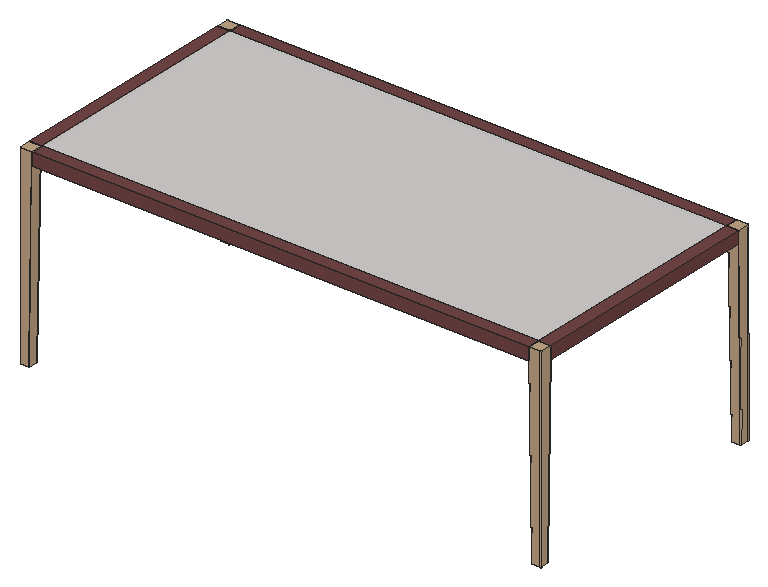
Revit family "Haworth_Janus_Quinta_Table_Dining", category Furniture, Revit 2018
Family settings
  OmniClass Number = 23.40.70.14.64.21
  OmniClass Title = Systems Furniture
  Work Plane-Based = No
  Always vertical = Yes
  Cut with Voids When Loaded = No
  Shared = No
  Room Calculation Point = No
Parameters (values of type "HCJC-QN-TDR79-WG - Rectangle")
  Warranty = "https://www.haworth.com/resources/product-info/warranties"
  URL - Product = "https://www.haworth.com/na/en/products/side-occasional/quinta-table.html"
  Type Comments = ""
  Trim Finish [instance] = Haworth _ Fabric _ JANUSfiber _ Bronze JJF-40
  Top Thickness = if(Square, 1 187/256", 1 221/256")  # 1 221/256"
  Top Finish = Haworth _ Glass _ Sanded
  Square = no
  Rectangle = not(Square)  # yes
  Model = "HCJC-QN-TDR79-WG"
  URL = "http://www.haworth.com/our-brands/haworth-collection"
  Size = "Verify Final Dim. w/ Haworth"  # constant formula
  Revision Number = "2"  # constant formula
  Manufacturer = "Haworth"  # constant formula
  Leg Height = 29 1/2"  # constant formula
  Glide Finish = Haworth _ Polymer _ Black
  Description = "Haworth Janus Quinta - Rectangle Dining Table"
  Base Finish [instance] = Haworth _ Wood _ JanusQuinta _ Natural Teak JW1-97
  Author = "Haworth (Abd Rahman)"  # constant formula
  Assembly Code = "E2020200"
  Actual Width = if(Square, 39 1/4", 78 3/4")  # 78 3/4"
  Actual Height = 29 1/2"  # constant formula
  Actual Depth = if(Square, 39 1/4", 39 1/4")  # 39 1/4"
Types (3): name | Top Thickness | Square | Rectangle | Model | Description | Actual Width
  (no name) | 1 221/256" | no | yes | "HCJC-QN-TDR79-WG" | "Haworth Janus Quinta - Rectangle Dining Table" | 78 3/4"
  HCJC-QN-TDQ39-WG - Square | 1 187/256" | yes | no | "HCJC-QN-TDQ39-WG" | "Haworth Janus Quinta - Square Dining Table" | 39 1/4"
  HCJC-QN-TDR79-WG - Rectangle | 1 221/256" | no | yes | "HCJC-QN-TDR79-WG" | "Haworth Janus Quinta - Rectangle Dining Table" | 78 3/4"
Reference planes (in)
  plane 1 "Center F/B": y = -0.15866
  plane 2 "Floor": z = 0
  plane 3 "Center L/R": x = -0.125
  plane 4: z = 0
  plane 5: x = -39.5
  plane 6: y = 19.46634
  plane 7: y = -19.78366
  plane 8: x = 39.25
  plane 9: z = 29.5
  plane 10 "Top Thickness": z = 27.63672
  plane 11: x = 37.79121
  plane 12: x = 37.39011
  plane 13: y = 17.61002
  plane 14: y = 18.01112
  plane 15: x = -38.04121
  plane 16: x = -37.64011
  plane 17: y = -17.93497
  plane 18: y = -18.3234
  plane 19: z = 0.25
  plane 20 "Leg Height": z = 29.5
  plane 21 "Glass Top": z = 29.125
  plane 22: y = -17.93497
Forms (in)
  Extrusion 1, solid, material "Haworth _ Fabric _ JANUSfiber _ Bronze JJF-40" <- "Trim Finish"
    sketch origin (0, 0, 0) x (1, 0, 0) y (0, 1, 0)
      loop
        line (-37.64011, 19.46634) -> (-37.64011, 17.85498)
        arc (-37.64011, 17.85498) -> (-37.69646, 17.69686) -> (-37.84012, 17.61002) r 0.25
        line (-37.84012, 17.61002) -> (-39.5, 17.61002) -> (-39.5, -17.93497) -> (-37.89011, -17.93497)
        arc (-37.89011, -17.93497) -> (-37.71333, -18.00819) -> (-37.64011, -18.18497) r 0.25
        line (-37.64011, -18.18497) -> (-37.64011, -19.78366) -> (37.39011, -19.78366) -> (37.39011, -18.18497)
        arc (37.39011, -18.18497) -> (37.46333, -18.00819) -> (37.64011, -17.93497) r 0.25
        line (37.64011, -17.93497) -> (39.25, -17.93497) -> (39.25, 17.61002) -> (37.59012, 17.61002)
        arc (37.59012, 17.61002) -> (37.44646, 17.69686) -> (37.39011, 17.85498) r 0.25
        line (37.39011, 17.85498) -> (37.39011, 19.46634) -> (-37.64011, 19.46634)
    from 27.63672 to 29.5
  Blend 2, solid, material "Haworth _ Wood _ JanusQuinta _ Natural Teak JW1-97" <- "Base Finish"
    base sketch origin (2.60989, 4.08378, 0) x (-1, 0, 0) y (0, -1, 0)
      loop
        arc (40.7761, 23.86744) -> (40.68771, 23.83083) -> (40.6511, 23.74244) r 0.125
        line (40.6511, 23.74244) -> (40.6511, 22.53055)
        arc (40.6511, 22.53055) -> (40.68724, 22.44331) -> (40.77448, 22.40718) r 0.12338
        line (40.77448, 22.40718) -> (41.98611, 22.40718)
        arc (41.98611, 22.40718) -> (42.07364, 22.44343) -> (42.10989, 22.53096) r 0.12378
        line (42.10989, 22.53096) -> (42.10989, 23.74244)
        arc (42.10989, 23.74244) -> (42.07328, 23.83083) -> (41.98489, 23.86744) r 0.125
        line (41.98489, 23.86744) -> (40.7761, 23.86744)
    top sketch origin (2.60989, 4.08378, 0) x (-1, 0, 0) y (0, -1, 0)
      loop
        line (40.25, 23.86744) -> (40.25, 22.26875)
        arc (40.25, 22.26875) -> (40.32322, 22.09197) -> (40.5, 22.01875) r 0.25
        line (40.5, 22.01875) -> (42.10989, 22.01875) -> (42.10989, 23.74244)
        arc (42.10989, 23.74244) -> (42.07328, 23.83083) -> (41.98489, 23.86744) r 0.125
        line (41.98489, 23.86744) -> (40.25, 23.86744)
    from 0.25 to 29.5
  Blend 3, solid, material "Haworth _ Wood _ JanusQuinta _ Natural Teak JW1-97" <- "Base Finish"
    base sketch origin (0, -0.31732, 0) x (1, 0, 0) y (0, 1, 0)
      loop
        line (37.91621, -19.46634) -> (39.125, -19.46634)
        arc (39.125, -19.46634) -> (39.21339, -19.42973) -> (39.25, -19.34134) r 0.125
        line (39.25, -19.34134) -> (39.25, -18.12986)
        arc (39.25, -18.12986) -> (39.21374, -18.04233) -> (39.12622, -18.00608) r 0.12378
        line (39.12622, -18.00608) -> (37.91459, -18.00608)
        arc (37.91459, -18.00608) -> (37.82734, -18.04221) -> (37.79121, -18.12945) r 0.12338
        line (37.79121, -18.12945) -> (37.79121, -19.34134)
        arc (37.79121, -19.34134) -> (37.82782, -19.42973) -> (37.91621, -19.46634) r 0.125
    top sketch origin (0, -0.31732, 0) x (1, 0, 0) y (0, 1, 0)
      loop
        line (37.39011, -19.46634) -> (39.1235, -19.46634)
        arc (39.1235, -19.46634) -> (39.21295, -19.42929) -> (39.25, -19.33985) r 0.1265
        line (39.25, -19.33985) -> (39.25, -17.61765) -> (37.64011, -17.61765)
        arc (37.64011, -17.61765) -> (37.46333, -17.69087) -> (37.39011, -17.86765) r 0.25
        line (37.39011, -17.86765) -> (37.39011, -19.46634)
    from 0.25 to 29.5
  Blend 4, solid, material "Haworth _ Wood _ JanusQuinta _ Natural Teak JW1-97" <- "Base Finish"
    base sketch origin (0, 0, 0) x (1, 0, 0) y (0, 1, 0)
      loop
        arc (37.91621, 19.46634) -> (37.82782, 19.42973) -> (37.79121, 19.34134) r 0.125
        line (37.79121, 19.34134) -> (37.79121, 18.12945)
        arc (37.79121, 18.12945) -> (37.82734, 18.04221) -> (37.91459, 18.00608) r 0.12338
        line (37.91459, 18.00608) -> (39.12622, 18.00608)
        arc (39.12622, 18.00608) -> (39.21374, 18.04233) -> (39.25, 18.12986) r 0.12378
        line (39.25, 18.12986) -> (39.25, 19.34134)
        arc (39.25, 19.34134) -> (39.21339, 19.42973) -> (39.125, 19.46634) r 0.125
        line (39.125, 19.46634) -> (37.91621, 19.46634)
    top sketch origin (0, 0, 0) x (1, 0, 0) y (0, 1, 0)
      loop
        line (37.39011, 19.46634) -> (37.39011, 17.85498)
        arc (37.39011, 17.85498) -> (37.46333, 17.6782) -> (37.64011, 17.60498) r 0.25
        line (37.64011, 17.60498) -> (39.25, 17.60498) -> (39.25, 19.33954)
        arc (39.25, 19.33954) -> (39.21286, 19.4292) -> (39.1232, 19.46634) r 0.1268
        line (39.1232, 19.46634) -> (37.39011, 19.46634)
    from 0.25 to 29.5
  Blend 5, solid, material "Haworth _ Wood _ JanusQuinta _ Natural Teak JW1-97" <- "Base Finish"
    base sketch origin (-0.25, 0, 0) x (-1, 0, 0) y (0, -1, 0)
      loop
        line (37.91621, -19.46634) -> (39.125, -19.46634)
        arc (39.125, -19.46634) -> (39.21339, -19.42973) -> (39.25, -19.34134) r 0.125
        line (39.25, -19.34134) -> (39.25, -18.12986)
        arc (39.25, -18.12986) -> (39.21374, -18.04233) -> (39.12622, -18.00608) r 0.12378
        line (39.12622, -18.00608) -> (37.91459, -18.00608)
        arc (37.91459, -18.00608) -> (37.82734, -18.04221) -> (37.79121, -18.12945) r 0.12338
        line (37.79121, -18.12945) -> (37.79121, -19.34134)
        arc (37.79121, -19.34134) -> (37.82782, -19.42973) -> (37.91621, -19.46634) r 0.125
    top sketch origin (-0.25, 0, 0) x (-1, 0, 0) y (0, -1, 0)
      loop
        line (37.39011, -19.46634) -> (39.12434, -19.46634)
        arc (39.12434, -19.46634) -> (39.21319, -19.42954) -> (39.25, -19.34068) r 0.12566
        line (39.25, -19.34068) -> (39.25, -17.60498) -> (37.64011, -17.60498)
        arc (37.64011, -17.60498) -> (37.46333, -17.6782) -> (37.39011, -17.85498) r 0.25
        line (37.39011, -17.85498) -> (37.39011, -19.46634)
    from 0.25 to 29.5
  Revolve 6, solid, material "Haworth _ Polymer _ Black" <- "Glide Finish", visible <- "Square"
    sketch origin (19.75058, 18.78327, 0) x (1, 0, 0) y (0, 0, 1)
      loop
        line (-58.58239, 0.25) -> (-58.58239, 0) -> (-58.31224, 0)
        arc (-58.31224, 0) -> (-58.28071, 0.03152) -> (-58.31224, 0.06305) r 0.03152
        arc (-58.31224, 0.06305) -> (-58.43631, 0.09641) -> (-58.52691, 0.1875) r 0.24737
        line (-58.52691, 0.1875) -> (-58.52691, 0.25) -> (-58.58239, 0.25)
      axis (-58.58239, 0) -> (-58.58239, 0.25)
    angle from 0 to 360
  Revolve 7, solid, material "Haworth _ Polymer _ Black" <- "Glide Finish", visible <- "Square"
    sketch origin (41.91543, 18.79802, 0) x (1, 0, 0) y (0, 0, 1)
      loop
        line (-3.33239, 0.25) -> (-3.33239, 0) -> (-3.06224, 0)
        arc (-3.06224, 0) -> (-3.03071, 0.03152) -> (-3.06224, 0.06305) r 0.03152
        arc (-3.06224, 0.06305) -> (-3.18631, 0.09641) -> (-3.27691, 0.1875) r 0.24737
        line (-3.27691, 0.1875) -> (-3.27691, 0.25) -> (-3.33239, 0.25)
      axis (-3.33239, 0) -> (-3.33239, 0.25)
    angle from 0 to 360
  Revolve 8, solid, material "Haworth _ Polymer _ Black" <- "Glide Finish", visible <- "Square"
    sketch origin (41.91446, -19.12718, 0) x (1, 0, 0) y (0, 0, 1)
      loop
        line (-3.33239, 0.25) -> (-3.33239, 0) -> (-3.06224, 0)
        arc (-3.06224, 0) -> (-3.03071, 0.03152) -> (-3.06224, 0.06305) r 0.03152
        arc (-3.06224, 0.06305) -> (-3.18631, 0.09641) -> (-3.27691, 0.1875) r 0.24737
        line (-3.27691, 0.1875) -> (-3.27691, 0.25) -> (-3.33239, 0.25)
      axis (-3.33239, 0) -> (-3.33239, 0.25)
    angle from 0 to 360
  Revolve 9, solid, material "Haworth _ Polymer _ Black" <- "Glide Finish", visible <- "Square"
    sketch origin (0.00122, -19.13938, 0) x (1, 0, 0) y (0, 0, 1)
      loop
        line (-38.83239, 0.25) -> (-38.83239, 0) -> (-38.56224, 0)
        arc (-38.56224, 0) -> (-38.53071, 0.03152) -> (-38.56224, 0.06305) r 0.03152
        arc (-38.56224, 0.06305) -> (-38.68631, 0.09641) -> (-38.77691, 0.1875) r 0.24737
        line (-38.77691, 0.1875) -> (-38.77691, 0.25) -> (-38.83239, 0.25)
      axis (-38.83239, 0) -> (-38.83239, 0.25)
    angle from 0 to 360
  Extrusion 10, solid, material "Haworth _ Glass _ Sanded" <- "Top Finish"
    sketch origin (0, 0, 0) x (1, 0, 0) y (0, 1, 0)
      loop
        line (-37.64011, 17.61002) -> (-37.64011, -17.93497) -> (37.39011, -17.93497) -> (37.39011, 17.61002) -> (-37.64011, 17.61002)
    from 29.5 to 29.125
  Extrusion 11, void
    sketch origin (0, 0, 0) x (1, 0, 0) y (0, 1, 0)
      loop
        line (-37.64011, 17.61002) -> (-37.64011, -17.93497) -> (37.39011, -17.93497) -> (37.39011, 17.61002) -> (-37.64011, 17.61002)
    from 29.125 to 31.77443
Cuts and joins
  Extrusion 11 cuts Extrusion 1
Lines and regions (in)
  Masking region 1
    outline origin (0, 0, 0) x (1, 0, 0) y (0, 1, 0)
      loop
        arc (-39.37434, 19.46634) -> (-39.46319, 19.42954) -> (-39.5, 19.34068) r 0.12566
        line (-39.5, 19.34068) -> (-39.5, -19.65866)
        arc (-39.5, -19.65866) -> (-39.46339, -19.74705) -> (-39.375, -19.78366) r 0.125
        line (-39.375, -19.78366) -> (39.12434, -19.78366)
        arc (39.12434, -19.78366) -> (39.21319, -19.74685) -> (39.25, -19.658) r 0.12566
        line (39.25, -19.658) -> (39.25, 19.34068)
        arc (39.25, 19.34068) -> (39.21319, 19.42954) -> (39.12434, 19.46634) r 0.12566
        line (39.12434, 19.46634) -> (-39.37434, 19.46634)
  symbolic lines, style "Haworth"
    curve 1: line (-37.64011, 19.46634, 0) -> (-37.64011, 17.85498, 0)
    curve 2: arc (-37.64011, 17.85498, 0) -> (-37.69646, 17.69686, 0) -> (-37.84012, 17.61002, 0) r 0.25
    curve 3: line (-37.84012, 17.61002, 0) -> (-39.5, 17.61002, 0)
    curve 4: line (-37.64011, 19.46634, 0) -> (-39.37434, 19.46634, 0)
    curve 5: line (-39.5, 19.34068, 0) -> (-39.5, 17.61002, 0)
    curve 6: arc (-39.37434, 19.46634, 0) -> (-39.46319, 19.42954, 0) -> (-39.5, 19.34068, 0) r 0.12566
    curve 7: arc (39.25, 19.34068, 0) -> (39.21319, 19.42954, 0) -> (39.12434, 19.46634, 0) r 0.12566
    curve 8: line (39.25, 17.61002, 0) -> (39.25, 19.34068, 0)
    curve 9: line (39.25, 17.61002, 0) -> (37.59012, 17.61002, 0)
    curve 10: line (39.12434, 19.46634, 0) -> (37.39011, 19.46634, 0)
    curve 11: line (37.39011, 17.85498, 0) -> (37.39011, 19.46634, 0)
    curve 12: arc (37.59012, 17.61002, 0) -> (37.44646, 17.69686, 0) -> (37.39011, 17.85498, 0) r 0.25
    curve 13: line (37.64011, -17.93497, 0) -> (39.25, -17.93497, 0)
    curve 14: arc (37.39011, -18.18497, 0) -> (37.46333, -18.00819, 0) -> (37.64011, -17.93497, 0) r 0.25
    curve 15: line (37.39011, -19.78366, 0) -> (37.39011, -18.18497, 0)
    curve 16: line (39.25, -19.658, 0) -> (39.25, -17.93497, 0)
    curve 17: line (37.39011, -19.78366, 0) -> (39.12434, -19.78366, 0)
    curve 18: arc (39.12434, -19.78366, 0) -> (39.21319, -19.74685, 0) -> (39.25, -19.658, 0) r 0.12566
    curve 19: line (-39.375, -19.78366, 0) -> (-37.64011, -19.78366, 0)
    curve 20: line (-39.5, -17.93497, 0) -> (-39.5, -19.65866, 0)
    curve 21: arc (-39.5, -19.65866, 0) -> (-39.46339, -19.74705, 0) -> (-39.375, -19.78366, 0) r 0.125
    curve 22: line (-39.5, -17.93497, 0) -> (-37.89011, -17.93497, 0)
    curve 23: arc (-37.89011, -17.93497, 0) -> (-37.71333, -18.00819, 0) -> (-37.64011, -18.18497, 0) r 0.25
    curve 24: line (-37.64011, -18.18497, 0) -> (-37.64011, -19.78366, 0)
Dimensions and locks (in)
  "Actual Width": plane 5 to plane 8
  equal spacing: plane 5, plane 3 "Center L/R", plane 8
  "Actual Depth": plane 6 to plane 7
  equal spacing: plane 6, plane 1 "Center F/B", plane 7
  plane 5 to plane 15 to plane 16 = 1.45879" locked, 0.4011" locked
  plane 12 to plane 11 to plane 8 = 0.4011" locked, 1.45879" locked
  plane 6 to plane 14 to plane 13 = 1.45522" locked, 0.4011" locked
  "Top Thickness": plane 9 to plane 10 "Top Thickness"
  "Leg Height": plane 20 "Leg Height" to plane 4
  locked: plane 9 to plane 21 "Glass Top" at 0.375
  locked: Revolve 7 to plane 8 at 0.61147
  plane 5 to Revolve 6 = 0.72367"
  locked: plane 5 to Revolve 9 at 0.72431
  locked: Revolve 8 to plane 8 at 0.61245
  locked: plane 21 "Glass Top" to plane 20 "Leg Height" at 0.375
  "Actual Height": plane 4 to plane 20 "Leg Height"
  plane 7 to plane 18 to plane 22 = 1.46026" locked, 0.38843" locked
  aligned and locked: plane 8 to Extrusion 1 sketch curve
  aligned and locked: plane 6 to Extrusion 1 sketch curve
  aligned and locked: plane 5 to Extrusion 1 sketch curve
  aligned and locked: plane 7 to Extrusion 1 sketch curve
  aligned and locked: Extrusion 1 to plane 9
  aligned and locked: Extrusion 1 to plane 10 "Top Thickness"
  aligned and locked: Blend 2 to plane 19
  aligned and locked: Blend 3 to plane 17
  aligned and locked: plane 12 to Blend 3
  aligned and locked: Blend 3 to plane 7
  aligned and locked: Blend 3 to plane 8
  aligned and locked: Extrusion 1 sketch curve to plane 17
  aligned and locked: plane 16 to Extrusion 1 sketch curve  (x2)
  aligned and locked: Extrusion 1 sketch curve to plane 13  (x2)
  aligned and locked: Extrusion 1 sketch curve to plane 12
  aligned and locked: plane 12 to Extrusion 1 sketch curve
  aligned and locked: Revolve 6 sketch curve to Revolve 6 sketch curve
  aligned and locked: Revolve 7 sketch curve to Revolve 7 sketch curve
  aligned and locked: Revolve 8 sketch curve to Revolve 8 sketch curve
  aligned and locked: Revolve 9 sketch curve to Revolve 9 sketch curve
  aligned and locked: Extrusion 10 sketch curve to plane 13
  aligned and locked: Extrusion 10 sketch curve to plane 12
  aligned and locked: plane 16 to Extrusion 10 sketch curve
  aligned and locked: Extrusion 10 to plane 20 "Leg Height"
  aligned and locked: plane 21 "Glass Top" to Extrusion 10
  aligned and locked: Extrusion 11 sketch curve to plane 12
  aligned and locked: plane 16 to Extrusion 11 sketch curve
  aligned and locked: Extrusion 11 sketch curve to plane 13
  aligned and locked: plane 19 to Revolve 9  (x2)
  aligned and locked: plane 19 to Revolve 6  (x2)
  aligned and locked: Revolve 9 sketch curve to plane 4
  aligned and locked: Revolve 9 sketch curve to plane 19
  aligned and locked: Revolve 6 sketch curve to plane 4
  aligned and locked: Revolve 6 sketch curve to plane 19
  aligned and locked: Revolve 8 sketch curve to plane 19
  aligned and locked: Revolve 8 sketch curve to plane 4
  aligned and locked: Revolve 7 sketch curve to plane 19
  aligned and locked: Revolve 7 sketch curve to plane 4
  aligned and locked: plane 8 to Masking region 1 sketch curve
  aligned and locked: plane 6 to Masking region 1 sketch curve
  aligned and locked: plane 5 to Masking region 1 sketch curve
  aligned and locked: plane 7 to Masking region 1 sketch curve
  aligned and locked: curve 2 to cut or joined group of Extrusion 1, Extrusion 11
  aligned and locked: curve 4 to Blend 5
  aligned and locked: curve 6 to Masking region 1
  aligned and locked: curve 7 to Masking region 1
  aligned and locked: Blend 4 to curve 8
  aligned and locked: curve 12 to cut or joined group of Extrusion 1, Extrusion 11
  aligned and locked: curve 17 to Blend 3
  aligned and locked: curve 18 to Masking region 1
  aligned and locked: Blend 2 to curve 20
  aligned and locked: curve 21 to Blend 2
  aligned and locked: curve 23 to cut or joined group of Extrusion 1, Extrusion 11
  aligned and locked: plane 20 "Leg Height" to Blend 5
  aligned and locked: plane 20 "Leg Height" to Blend 2
  aligned and locked: Blend 5 to plane 19
  aligned and locked: Blend 3 to plane 19
  aligned and locked: Blend 4 to plane 19
  aligned and locked: plane 20 "Leg Height" to Blend 4
  aligned and locked: plane 20 "Leg Height" to Blend 3
  aligned and locked: plane 5 to Blend 2 sketch curve  (x2)
  aligned and locked: plane 7 to Blend 2 sketch curve  (x2)
  aligned and locked: Blend 2 sketch curve to plane 15
  aligned and locked: plane 18 to Blend 2 sketch curve
  aligned and locked: Blend 2 sketch curve to plane 16
  aligned and locked: plane 22 to curve 13
  aligned and locked: plane 22 to Extrusion 1 sketch curve
  aligned and locked: Blend 3 sketch curve to plane 22
Automatic sketch dimensions
  Blend 5 sketch curve to plane 15 = 0"
  plane 6 to Blend 5 sketch curve = 0"  (x2)
  Blend 5 sketch curve to plane 5 = 0"  (x2)
  plane 15 to Blend 5 sketch curve = 0.12338"
  plane 15 to Blend 5 sketch curve = 1/8"
  Blend 5 sketch curve to Blend 5 sketch curve = 1/8"
  plane 14 to Blend 5 sketch curve = 0.00505"
  Blend 5 sketch curve to plane 5 = 0.12378"
  Blend 5 sketch curve to plane 16 = 0"
  Blend 5 sketch curve to plane 15 = 0.1511"
  Blend 5 sketch curve to plane 5 = 0.12566"
  plane 14 to Blend 5 sketch curve = 0.15615"
  Blend 2 sketch curve to Blend 2 sketch curve = 0.12338"
  Blend 2 sketch curve to plane 15 = 1/8"
  Blend 2 sketch curve to Blend 2 sketch curve = 1/8"
  plane 5 to Blend 2 sketch curve = 0.12378"
  plane 15 to Blend 2 sketch curve = 0.1511"
  plane 5 to Blend 2 sketch curve = 1/8"
  Blend 3 sketch curve to plane 11 = 0"
  plane 18 to Blend 3 sketch curve = 0"
  Blend 3 sketch curve to plane 7 = 0"  (x2)
  Blend 3 sketch curve to plane 8 = 0"  (x2)
  plane 11 to Blend 3 sketch curve = 0.12338"
  plane 11 to Blend 3 sketch curve = 1/8"
  Blend 3 sketch curve to Blend 3 sketch curve = 1/8"
  Blend 3 sketch curve to plane 8 = 0.12378"
  Blend 3 sketch curve to plane 12 = 0"
  Blend 3 sketch curve to plane 11 = 0.1511"
  Blend 3 sketch curve to plane 8 = 0.1265"
  Blend 4 sketch curve to plane 11 = 0"
  plane 6 to Blend 4 sketch curve = 0"  (x2)
  Blend 4 sketch curve to plane 8 = 0"  (x2)
  Blend 4 sketch curve to Blend 4 sketch curve = 0.12338"
  Blend 4 sketch curve to plane 11 = 1/8"
  Blend 4 sketch curve to Blend 4 sketch curve = 1/8"
  Blend 4 sketch curve to plane 14 = 0.00505"
  plane 8 to Blend 4 sketch curve = 0.12378"
  Blend 4 sketch curve to plane 12 = 0"
  plane 11 to Blend 4 sketch curve = 0.1511"
  plane 8 to Blend 4 sketch curve = 0.1268"
  Blend 4 sketch curve to plane 14 = 0.15615"
  Revolve 6 sketch curve to plane 19 = 0"
  Revolve 6 sketch curve to level = 0"
  plane 5 to Revolve 6 sketch curve = 0.66819"
  Revolve 6 sketch curve to Revolve 6 sketch curve = 0.05548"
  level to Revolve 6 sketch curve = 0.03152"
  Revolve 6 sketch curve to Revolve 6 sketch curve = 0.21467"
  Revolve 6 sketch curve to plane 19 = 1/16"
  plane 19 to Revolve 6 sketch curve = 0.06041"
  Revolve 7 sketch curve to plane 19 = 0"
  Revolve 7 sketch curve to level = 0"
  plane 8 to Revolve 7 sketch curve = 0.66695"
  Revolve 7 sketch curve to Revolve 7 sketch curve = 0.05548"
  level to Revolve 7 sketch curve = 0.03152"
  Revolve 7 sketch curve to Revolve 7 sketch curve = 0.21467"
  Revolve 7 sketch curve to plane 19 = 1/16"
  plane 19 to Revolve 7 sketch curve = 0.06041"
  Revolve 8 sketch curve to plane 19 = 0"
  Revolve 8 sketch curve to level = 0"
  plane 8 to Revolve 8 sketch curve = 0.66793"
  Revolve 8 sketch curve to Revolve 8 sketch curve = 0.05548"
  level to Revolve 8 sketch curve = 0.03152"
  Revolve 8 sketch curve to Revolve 8 sketch curve = 0.21467"
  Revolve 8 sketch curve to plane 19 = 1/16"
  plane 19 to Revolve 8 sketch curve = 0.06041"
  Revolve 9 sketch curve to plane 19 = 0"
  Revolve 9 sketch curve to level = 0"
  plane 5 to Revolve 9 sketch curve = 0.66883"
  Revolve 9 sketch curve to Revolve 9 sketch curve = 0.05548"
  level to Revolve 9 sketch curve = 0.03152"
  Revolve 9 sketch curve to Revolve 9 sketch curve = 0.21467"
  Revolve 9 sketch curve to plane 19 = 1/16"
  plane 19 to Revolve 9 sketch curve = 0.06041"
  plane 15 to Extrusion 1 sketch curve = 0.1511"  (x2)
  plane 15 to Extrusion 1 sketch curve = 0.20108"
  Extrusion 1 sketch curve to plane 12 = 0.20002"
  plane 11 to Extrusion 1 sketch curve = 0.1511"  (x2)
  plane 17 to Extrusion 10 sketch curve = 0"
  plane 7 to Masking region 1 sketch curve = 0.12566"
  Masking region 1 sketch curve to Masking region 1 sketch curve = 0.12566"
  plane 7 to Masking region 1 sketch curve = 1/8"
  plane 8 to Masking region 1 sketch curve = 0.12566"
  Blend 2 sketch curve to plane 17 = 0"
  curve 3 to plane 13 = 0"
  curve 12 to plane 13 = 0"
  curve 14 to plane 12 = 0"
  plane 11 to curve 13 = 0.1511"
  Extrusion 11 sketch curve to plane 17 = 0"
